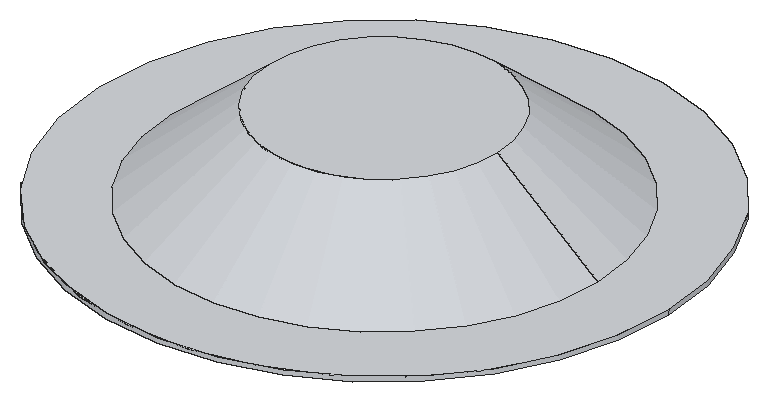
Revit family "Difusor de retorno - Redondo", category Terminais de ar, Revit 2019
Family settings
  Cota do conector redondo = Usar raio
  Tipo de parte = Normal
  ID de item do Seek = Supply Diffuser-0000-CAN-ENU
  Com base no plano de trabalho = Não
  Sempre na vertical = Sim
  Corte com vazios quando carregada = Não
  Compartilhado = Não
  Ponto de cálculo do ambiente = Não
Parameters (values of type "Padrão")
  Queda de pressão [instance] = 0.0 Pa
  Raio da lâmina 4 = Raio da grelha * 4 / 5  # 240 mm
  Raio da lâmina 3 = Raio da grelha * 3 / 5  # 180 mm
  Raio da lâmina 2 = Raio da grelha * 2 / 5  # 120 mm
  Raio da lâmina 1 = Raio da grelha * 1 / 5  # 60 mm
  Raio da grelha = Diâmetro da grelha / 2  # 300 mm
  Diâmetro da grelha = 600 mm
  Raio do duto = 120 mm
  Fluxo [instance] = 235.0 L/s
  Diâmetro do duto = Raio do duto * 2  # 240 mm
  Raio do difusor 2 = Diâmetro 1 / 2  # 120 mm
  Raio do difusor 1 = Diâmetro do difusor / 2  # 225 mm
  Material do difusor = none
  Altura do difusor = 90 mm
  Diâmetro 1 = Diâmetro do duto  # 240 mm
  Diâmetro do difusor = 450 mm
  Assembly Code = ""
Reference planes
  plane 1 "Centro (frente/trás)": y = 0
  plane 2: z = 0
  plane 3 "Centro (direita/esquerda)": x = 0
  plane 4 "Inferior": z = 0
  plane 5 "Superior": z = 85
  plane 6 "Face da grelha": z = -5
Forms (mm)
  Blend 1, solid, material <- "Material do difusor"
    base sketch origin (0, 0, 0) x (1, 0, 0) y (0, 1, 0)
      loop
        circle (0, 0) r 225
    top sketch origin (0, 0, 0) x (1, 0, 0) y (0, 1, 0)
      loop
        circle (0, 0) r 120
    from 0 to 85
  Extrusion 2, solid, material <- "Material do difusor"
    sketch origin (0, 0, 0) x (1, 0, 0) y (0, 1, 0)
      loop
        circle (0, 0) r 300
    from 0 to -5
Lines and regions (mm)
  model lines
    curve 1: circle (0, 0, -5) r 60 normal (0, 0, 1)
    curve 2: circle (0, 0, -5) r 120 normal (0, 0, 1)
    curve 3: circle (0, 0, -5) r 180 normal (0, 0, 1)
    curve 4: circle (0, 0, -5) r 240 normal (0, 0, 1)
Dimensions and locks
  locked: plane 4 "Inferior" to plane 6 "Face da grelha" at 5
  "Altura do difusor": plane 5 "Superior" to plane 6 "Face da grelha"
  "Raio do difusor 1": radius of Blend 1 sketch curve
  "Raio do difusor 2": radius of Blend 1 sketch curve
  "Raio da grelha": radius of Extrusion 2 sketch curve
  "Raio da lâmina 1": radius of curve 1
  "Raio da lâmina 2": radius of curve 2
  "Raio da lâmina 3": radius of curve 3
  "Raio da lâmina 4": radius of curve 4
  aligned and locked: Blend 1 to plane 4 "Inferior"
  aligned and locked: plane 5 "Superior" to Blend 1
  aligned and locked: Extrusion 2 to plane 6 "Face da grelha"
Automatic sketch dimensions
  plane 1 "Centro (frente/trás)" to Blend 1 sketch curve = 0 mm  (x2)
  Blend 1 sketch curve to plane 3 "Centro (direita/esquerda)" = 0 mm  (x2)
  plane 1 "Centro (frente/trás)" to Extrusion 2 sketch curve = 0 mm
  Extrusion 2 sketch curve to plane 3 "Centro (direita/esquerda)" = 0 mm
  curve 1 to curve 3 = 0 mm  (x2)
  curve 1 to curve 4 = 0 mm  (x2)
  curve 2 to curve 3 = 0 mm  (x2)
  plane 1 "Centro (frente/trás)" to curve 2 = 0 mm
  curve 2 to plane 3 "Centro (direita/esquerda)" = 0 mm
Connectors
  hvac at (0, 0, 85), driven by "Raio do duto", driven by "Fluxo", driven by "Queda de pressão"
    settings: on Blend 1, index 1, duct flow 235.0 L/s, flow factor 0, pres drop 0.0 Pa, loss coef 0, conn angle 0.00°, conn width 304.8 mm, conn height 304.8 mm, conn diameter 240 mm, duct sys type 2, conn prof type 0, flow config 1, flow direction 2, loss method 4, conn ref index -1, conn util no, is conn primary yes, conn desc "Saída de ar"
Types in the file's own list only (9): name | Raio da lâmina 4 | Raio da lâmina 3 | Raio da lâmina 2 | Raio da lâmina 1 | Raio da grelha | Diâmetro da grelha | Raio do duto | Diâmetro do duto | Raio do difusor 2 | Raio do difusor 1 | Altura do difusor | Diâmetro 1 | Diâmetro do difusor
  192mm | 98 mm | 73 mm | 49 mm | 24 mm | 122 mm | 244 mm | 75 mm | 150 mm | 75 mm | 96 mm | 35 mm | 150 mm | 192 mm
  248mm | 120 mm | 90 mm | 60 mm | 30 mm | 150 mm | 300 mm | 100 mm | 200 mm | 100 mm | 124 mm | 35 mm | 200 mm | 248 mm
  304mm | 142 mm | 107 mm | 71 mm | 36 mm | 178 mm | 356 mm | 125 mm | 250 mm | 125 mm | 152 mm | 35 mm | 250 mm | 304 mm
  360mm | 165 mm | 124 mm | 82 mm | 41 mm | 206 mm | 412 mm | 150 mm | 300 mm | 150 mm | 180 mm | 35 mm | 300 mm | 360 mm
  416mm | 187 mm | 140 mm | 94 mm | 47 mm | 234 mm | 468 mm | 178 mm | 355 mm | 178 mm | 208 mm | 35 mm | 355 mm | 416 mm
  472mm | 217 mm | 163 mm | 108 mm | 54 mm | 271 mm | 542 mm | 200 mm | 400 mm | 200 mm | 238 mm | 35 mm | 400 mm | 476 mm
  528mm | 239 mm | 179 mm | 120 mm | 60 mm | 299 mm | 598 mm | 225 mm | 450 mm | 225 mm | 264 mm | 35 mm | 450 mm | 528 mm
  584mm | 262 mm | 196 mm | 131 mm | 65 mm | 327 mm | 654 mm | 250 mm | 500 mm | 250 mm | 292 mm | 35 mm | 500 mm | 584 mm
  640mm | 284 mm | 213 mm | 142 mm | 71 mm | 355 mm | 710 mm | 280 mm | 560 mm | 280 mm | 320 mm | 35 mm | 560 mm | 640 mm
